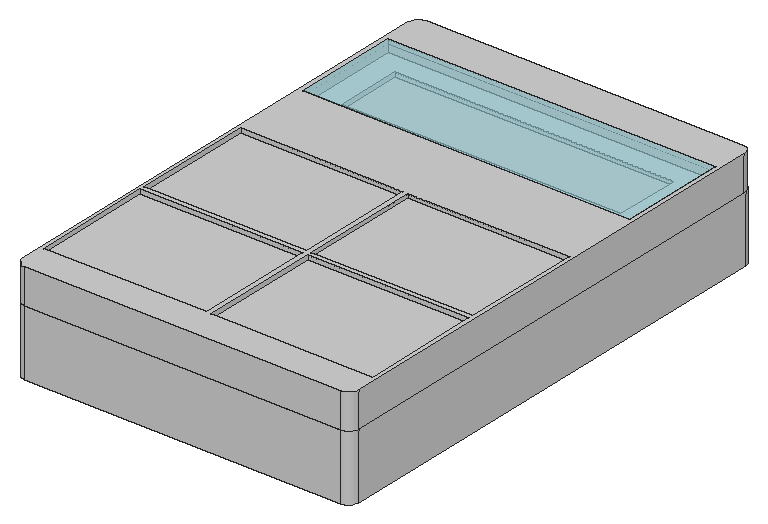
Revit family "Building-IEC309Boards-GEWISS-68QDIN-DISTRIBUTION-BOARD-14MOD_4SOCKET-OUTLETS_IB_ORIZ", category Apparecchi elettrici, host Superficie, Revit 2019
Family settings
  Host = Superficie
  Mantenere orientamento annotazione = Sì
  Quota connettore circolare = Usa diametro
  Tipo di parte = Normale
  Taglio con vuoti quando caricato = No
  Condiviso = No
  Punto di calcolo locali = Sì
Parameters (values of type "GW68009N - Q-DIN 14M 4 FLANGES S.O.BL.HOR.SBF IP65")
  visibilita posizionamento 2d [instance] = yes
  simbolo 2d [instance] = yes
  oggetto in pianta [instance] = not(visibilita posizionamento 2d)  # no
  distanza_simbolo [instance] = 0.1 mm
  bordo acceso [instance] = yes
  Working temperature = "-25 ÷ +40 °C"
  Visibilità sportello [instance] = yes
  Version type = "Empty"
  Version file RFA = "21.5"
  VETRO = Vetro
  URL = "https://www.gewiss.com/ww/en"
  Thermo-pressure with ball = "70 °C"
  Technical sheet = "https://www.gewiss.com/ww/en/search?q=GW68009N"
  Spostamento_effettivo_S [instance] = 4000 mm - Spostamento_S  # 3000 mm
  Spostamento_S = 1000 mm
  Simbolo_quadro [instance] = not(simbolo 2d)  # no
  Shock resistance = "IK08"
  STRUTTURA ALTA = Poche
  STRUTTURA = RAL - 7035
  SEO = "Board"
  Realized by GEWISS S.p.A. = ""
  Default Elevation = 1219.2 mm
  Produttore = "GEWISS S.p.A."
  PRESA = rosso
  POMELLO = bianco
  Operating temperature: = "-25 +40 °C"
  No. of provided blank lids = "2 IB 16/32A"
  No. of modules EN 50022 = "14"
  No. of blank lids supplied = "2 IB 16/32A"
  No. IB socket-outlets houseable = "4 IB Horiz. 16/32A SBF IP44"
  N_Moduli = 14 mm
  Modello = "GW68009N"
  L_Moduli = N_Moduli * 19  # 266 mm
  Insulation class = "II"
  Installation type = "Surface-mounting"
  Immagine tipo = GW68009N.jpg
  IP degree = "IP65"
  IDT = "99915e0d-742e-4288-be31-3e8f2e4a73df"
  IDF = "c071aca0-7753-4d09-bf42-5b742313563d"
  Houseable socket = "4 IB Horiz. 16/32A SBF IP44"
  Houseable interloc. socket. = "4 IB Horiz. 16/32A SBF IP44"
  Glow Wire Test = "650°C"
  Electrocod = "2242"
  EAN code = "8011564744806"
  Dispersible power B (W) = "64"
  Dispersible power A (W) = "24"
  Descrizione = "Q-DIN 14M 4 FLANGES S.O.BL.HOR.SBF IP65"
  Colour = "Grey RAL 7035"
  Catalogue Range = "68 QDIN"
  Catalogue = "BUILDING"
  COBie.Tagnumber = ""
  COBie.CreatedOn = ""
  COBie.CreatebBy = ""
  COBie.ComponentRegisterItemID = ""
  COBie.Component.TagNumber = ""
  COBie.Component.Space = ""
  COBie.Component.SerialNumber = ""
  COBie.Component.InstallationDate = ""
  COBie.Component.Description = ""
  COBie.Component.BarCode = ""
  Accordance with Standards = "EN 60208 - EN 60670-1 - IEC 60670-24"
Reference planes
  plane 1 "Centro (Fronte/Retro)": y = 0
  plane 2: z = 0
  plane 3 "Centro (Sinistra/Destra)": x = 0
  plane 4: x = -3000
  plane 5: x = 0
Forms (mm)
  Extrusion 1, solid, detail levels coarse
    sketch origin (0, 0, 0) x (1, 0, 0) y (0, 1, 0)
      loop
        line (-160, 0) -> (160, 0) -> (160, 478) -> (-160, 478) -> (-160, 0)
    from 0 to 96
Lines and regions (mm)
  Masking region 1, visible <- "visibilita posizionamento 2d"
    outline origin (0, 0, 0) x (1, 0, 0) y (0, 0, 1)
      loop
        line (-160, 0) -> (160, 0) -> (160, 96) -> (-160, 96) -> (-160, 0)
Dimensions and locks
  plane 4 to plane 3 "Centro (Sinistra/Destra)" = 3000 mm
  "Spostamento_effettivo_S": plane 4 to plane 5
  aligned and locked: plane 2 to host face
  aligned and locked: level to host face
  aligned and locked: nested 1 to plane 5
  aligned and locked: nested 3 to plane 5
  aligned and locked: nested 2 to plane 5
  aligned and locked: plane 1 "Centro (Fronte/Retro)" to nested 2
  aligned and locked: Extrusion 1 sketch curve to nested 2  (x4)
  aligned and locked: Extrusion 1 to nested 2
Automatic sketch dimensions
  host sketch curve to host sketch curve = 2438.4 mm  (x2)
  Masking region 1 sketch curve to level = 0 mm
  Masking region 1 sketch curve to plane 3 "Centro (Sinistra/Destra)" = 160 mm
  plane 3 "Centro (Sinistra/Destra)" to Masking region 1 sketch curve = 160 mm
  Masking region 1 sketch curve to Masking region 1 sketch curve = 96 mm
Nested families
  nested 1: "CENTRALINO" at (0, 737.795, 0), BORDO ACCESO <- "bordo acceso", SIMBOLO ACCESO <- "simbolo 2d", Distanza dal muro <- "distanza_simbolo", visible <- "simbolo 2d", type "CENTRALINO"
    with SIMBOLO ACCESO yes, Distanza dal muro 0.1 mm, BORDO ACCESO yes
  nested 2: "68QDIN14 QUADRO DISTRIBUZ X 4 PRESE IND ORIZ_BASE" at (0, 316, 0), Visibilita sportello <- "Visibilità sportello", type "68QDIN14 QUADRO DISTRIBUZ X 4 PRESE IND ORIZ_BASE", detail levels medium+fine
  nested 3: "simb_CENTRALINO_BASE_cad pro" at (0, 737.795, 0), Distanza dal muro <- "distanza_simbolo", visible <- "Simbolo_quadro", SIMBOLO ACCESO <- "Simbolo_quadro", type "simb_CENTRALINO_BASE_cad pro"
    with SIMBOLO ACCESO no, Distanza dal muro 0.1 mm, BORDO ACCESO yes
Definition of nested family "68QDIN14 QUADRO DISTRIBUZ X 4 PRESE IND ORIZ_BASE"
  Parameters (values of type "68QDIN14 QUADRO DISTRIBUZ X 4 PRESE IND ORIZ_BASE")
    n_moduli = 105 mm
    h_moduli = 64 mm
    Visibilita sportello [instance] = yes
    Vetro = none
    Struttura = none
    Spessore = 96 mm
    Default Elevation = 14 mm
    Presa = none
    Larghezza = 320 mm
    IFC.TypeObject = ""
    IFC.ExportType = ""
    IFC.ExportAs = ""
    H_da terra = 589.057 mm
    COBie.CreatedOn = ""
    COBie.CreatebBy = ""
    COBie.ComponentRegisterItemID = ""
    COBie.Component.TagNumber = ""
    COBie.Component.Space = ""
    COBie.Component.SerialNumber = ""
    COBie.Component.InstallationDate = ""
    COBie.Component.Description = ""
    COBie.Component.BarCode = ""
    Altezza scatole = 350 mm
    Altezza quadro = 150 mm
    Altezza = 258 mm
  Reference planes
    plane 1 "Centro (Fronte/Retro)": y = 0
    plane 2: z = 0
    plane 3 "Centro (Sinistra/Destra)": x = 0
    plane 4: z = 69.589
    plane 5: z = 115.626
    plane 6: z = 63
    plane 7: x = -160
    plane 8: x = 160
    plane 9: x = -156
    plane 10: x = 156
    plane 11: y = 123.21
    plane 12: y = 21.246
    plane 13: y = 0
    plane 14: y = -166
    plane 15: y = -51
    plane 16: y = -316
    plane 17: y = 162
    plane 18: z = 58
    plane 19: y = 103
    plane 20: y = 39
    plane 21: x = -52.5
    plane 22: x = 52.5
    plane 23: z = 92.059
    plane 24: z = 96
    plane 25 "posizionamento moduli": z = 84.734
    plane 26: z = 80.558
    plane 27: y = 71
    plane 28: x = -157.25
    plane 29: x = 158.1
    plane 30: x = -2.25
    plane 31: x = 156
    plane 32: y = -170.115
    plane 33: x = 2
  Forms (mm)
    Extrusion 1, solid, material <- "Struttura"
      sketch origin (0, -857.311, 0) x (1, 0, 0) y (0, 1, 0)
        loop
          arc (-150, 1019.311) -> (-157.071, 1016.382) -> (-160, 1009.311) r 10
          line (-160, 1009.311) -> (-160, 551.311)
          arc (-160, 551.311) -> (-157.071, 544.24) -> (-150, 541.311) r 10
          line (-150, 541.311) -> (150, 541.311)
          arc (150, 541.311) -> (157.071, 544.24) -> (160, 551.311) r 10
          line (160, 551.311) -> (160, 1009.311)
          arc (160, 1009.311) -> (157.071, 1016.382) -> (150, 1019.311) r 10
          line (150, 1019.311) -> (-150, 1019.311)
      from 63 to 96
    Extrusion 2, solid, material <- "Struttura"
      sketch origin (0, -857.311, 0) x (1, 0, 0) y (0, 1, 0)
        loop
          line (152.45, 1019.311) -> (-156.38, 1019.311)
          arc (-156.38, 1019.311) -> (-158.94, 1018.251) -> (-160, 1015.691) r 3.62
          line (-160, 1015.691) -> (-160, 551.311)
          arc (-160, 551.311) -> (-157.071, 544.24) -> (-150, 541.311) r 10
          line (-150, 541.311) -> (150, 541.311)
          arc (150, 541.311) -> (157.071, 544.24) -> (160, 551.311) r 10
          line (160, 551.311) -> (160, 1011.76)
          arc (160, 1011.76) -> (157.789, 1017.099) -> (152.45, 1019.311) r 7.55
      from 0 to 63
    Extrusion 3, void
      sketch origin (0, -857.311, 0) x (1, 0, 0) y (0, 1, 0)
        loop
          line (-156, 980.52) -> (-156, 878.557) -> (156, 878.557) -> (156, 980.52) -> (-156, 980.52)
      from 69.589 to 96
    Extrusion 4, solid, material <- "Vetro", visible <- "Visibilita sportello", detail levels fine
      sketch origin (0, -857.311, 0) x (1, 0, 0) y (0, 1, 0)
        loop
          line (-156, 980.52) -> (-156, 878.557) -> (156, 878.557) -> (156, 980.52) -> (-156, 980.52)
      from 92.059 to 96
    Extrusion 5, void
      sketch origin (0, 0, 0) x (1, 0, 0) y (0, 1, 0)
        loop
          line (-52.5, 39) -> (52.5, 39) -> (52.5, 103) -> (-52.5, 103) -> (-52.5, 39)
      from 80.558 to 84.734
    Extrusion 6, solid
      sketch origin (0, 0, 0) x (1, 0, 0) y (0, 1, 0)
        loop
          line (-156, 123.21) -> (-156, 21.246) -> (156, 21.246) -> (156, 123.21) -> (-156, 123.21)
      from 80.558 to 84.734
    Extrusion 7, void
      sketch origin (0, 0, 84.734) x (0, -1, 0) y (1, 0, 0)
        loop
          line (51, -157.25) -> (166, -157.25) -> (166, -2.25) -> (51, -2.25) -> (51, -157.25)
        loop
          line (51, 2) -> (166, 2) -> (166, 156) -> (51, 156) -> (51, 2)
      from 7.325 to 11.266
    Extrusion 8, void
      sketch origin (0, -119.115, 84.734) x (0, -1, 0) y (1, 0, 0)
        loop
          line (51, -157.25) -> (166, -157.25) -> (166, -2.25) -> (51, -2.25) -> (51, -157.25)
        loop
          line (51, 2) -> (166, 2) -> (166, 156) -> (51, 156) -> (51, 2)
      from 7.325 to 11.266
  Cuts and joins
    Extrusion 3, Extrusion 7, Extrusion 8 cuts Extrusion 1
    Extrusion 5 cuts Extrusion 6
    Extrusion 5 cuts Extrusion 4
  Lines and regions (mm)
    model lines
      curve 1: line (-52.5, 71, 84.734) -> (52.5, 71, 84.734)
  Dimensions and locks
    plane 4 to plane 5 = 46.036 mm
    locked: plane 7 to plane 9 at 4
    locked: plane 10 to plane 8 at 4
    equal spacing: plane 7, plane 3 "Centro (Sinistra/Destra)", plane 8
    "Larghezza": plane 7 to plane 8
    plane 13 to plane 15 = 51 mm
    plane 1 "Centro (Fronte/Retro)" to plane 17 = 162 mm
    plane 16 to plane 13 = 316 mm
    plane 12 to plane 1 "Centro (Fronte/Retro)" = 21.246 mm
    plane 11 to plane 17 = 38.79 mm
    locked: plane 6 to plane 18 at 5
    locked: plane 17 to plane 19 at 59
    "h_moduli": plane 19 to plane 20
    equal spacing: plane 21, plane 3 "Centro (Sinistra/Destra)", plane 22
    "n_moduli": plane 21 to plane 22
    locked: plane 24 to plane 23 at 3.941
    plane 6 to plane 2 = 63 mm
    locked: plane 23 to plane 25 "posizionamento moduli" at 7.325
    locked: plane 25 "posizionamento moduli" to plane 26 at 4.176
    equal spacing: plane 19, plane 27, plane 20
    locked: plane 29 to plane 8 at 1.9
    plane 28 to plane 30 = 155 mm  (x2)
    plane 15 to plane 14 = 115 mm
    locked: plane 14 to plane 32 at 4.115
    locked: plane 3 "Centro (Sinistra/Destra)" to plane 33 at 2
    radius of Extrusion 2 sketch curve = 10 mm  (x2)
    radius of Extrusion 2 sketch curve = 3.62 mm
    radius of Extrusion 2 sketch curve = 7.55 mm
    radius of Extrusion 1 sketch curve = 10 mm  (x4)
    aligned and locked: level to plane 2
    aligned and locked: cut or joined group of Extrusion 1, Extrusion 3, Extrusion 7, Extrusion 8 to plane 4
    aligned and locked: plane 7 to Extrusion 2 sketch curve
    aligned and locked: plane 8 to Extrusion 2 sketch curve
    aligned and locked: plane 8 to Extrusion 1 sketch curve
    aligned and locked: plane 7 to Extrusion 1 sketch curve
    aligned and locked: Extrusion 4 sketch curve to plane 9
    aligned and locked: Extrusion 4 sketch curve to plane 10
    aligned and locked: Extrusion 3 sketch curve to plane 9
    aligned and locked: Extrusion 3 sketch curve to plane 10
    aligned and locked: Extrusion 4 sketch curve to plane 11
    aligned and locked: Extrusion 4 sketch curve to plane 12
    aligned and locked: Extrusion 3 sketch curve to plane 11
    aligned and locked: Extrusion 3 sketch curve to plane 12
    aligned and locked: plane 16 to Extrusion 2 sketch curve
    aligned and locked: plane 1 "Centro (Fronte/Retro)" to plane 13
    aligned and locked: plane 17 to Extrusion 1 sketch curve
    aligned and locked: Extrusion 5 sketch curve to plane 21
    aligned and locked: Extrusion 5 sketch curve to plane 19
    aligned and locked: Extrusion 5 sketch curve to plane 20
    aligned and locked: Extrusion 5 sketch curve to plane 22
    aligned and locked: plane 25 "posizionamento moduli" to Extrusion 5
    aligned and locked: Extrusion 5 to plane 26
    aligned and locked: Extrusion 6 sketch curve to plane 11
    aligned and locked: Extrusion 6 sketch curve to plane 12
    aligned and locked: Extrusion 6 to plane 26
    aligned and locked: plane 25 "posizionamento moduli" to Extrusion 6
    aligned and locked: Extrusion 6 sketch curve to Extrusion 4  (x2)
    aligned and locked: plane 27 to curve 1
    aligned and locked: plane 16 to Extrusion 1 sketch curve
    aligned and locked: Extrusion 2 sketch curve to plane 17
    aligned and locked: Extrusion 7 sketch curve to plane 15
    aligned and locked: Extrusion 7 sketch curve to plane 28
    aligned and locked: Extrusion 7 sketch curve to plane 30
    aligned and locked: Extrusion 7 sketch curve to plane 31
    aligned and locked: Extrusion 1 to Extrusion 7
    aligned and locked: Extrusion 7 to plane 23
    aligned and locked: Extrusion 7 sketch curve to plane 14  (x2)
    aligned and locked: plane 33 to Extrusion 7 sketch curve
  Automatic sketch dimensions
    curve 1 to plane 21 = 0 mm
    curve 1 to plane 22 = 0 mm
    plane 15 to Extrusion 7 sketch curve = 0 mm
    Extrusion 8 sketch curve to plane 28 = 0 mm
    Extrusion 8 sketch curve to plane 32 = 0 mm  (x2)
    Extrusion 8 sketch curve to plane 10 = 0 mm
    Extrusion 8 sketch curve to plane 33 = 0 mm
    Extrusion 8 sketch curve to plane 30 = 0 mm
    Extrusion 8 sketch curve to plane 16 = 30.885 mm  (x2)
Definition of nested family "CENTRALINO"
  Parameters (values of type "CENTRALINO")
    SIMBOLO ACCESO [instance] = yes
    Distanza dal muro [instance] = 0 mm
    BORDO ACCESO [instance] = yes
  Reference planes
    plane 1: y = 0
    plane 2: x = 0
  Dimensions and locks
    "Distanza dal muro": plane 1 to nested 1
    aligned and locked: plane 2 to nested 1
  Nested families
    nested 1: "CENTRALINO_BASE" at (0, 0, 0), BORDO ACCESO <- "BORDO ACCESO", visible <- "SIMBOLO ACCESO", type "CENTRALINO"
      with BORDO ACCESO yes
  Definition of nested family "CENTRALINO_BASE"
    Parameters (values of type "CENTRALINO")
      Distanza dal muro = 0 mm
      BORDO ACCESO [instance] = yes
    Reference planes
      plane 1: y = 0
      plane 2: x = 0
    Lines and regions (mm)
      detail lines, visible <- "BORDO ACCESO", not visible
        curve 1: line (-2.443, 10.208, 0) -> (2.057, 10.208, 0)
        curve 2: line (2.057, 10.208, 0) -> (2.057, 4.208, 0)
        curve 3: line (2.057, 4.208, 0) -> (-2.443, 4.208, 0)
        curve 4: line (-2.443, 4.208, 0) -> (-2.443, 10.208, 0)
        curve 5: line (-2.043, 9.808, 0) -> (1.657, 9.808, 0)
        curve 6: line (1.657, 9.808, 0) -> (1.657, 4.608, 0)
        curve 7: line (1.657, 4.608, 0) -> (-2.043, 4.608, 0)
        curve 8: line (-2.043, 4.608, 0) -> (-2.043, 9.808, 0)
      detail lines
        curve 9: line (0, 0.671, 0) -> (0, 0, 0)
        curve 10: line (0.659, 0.671, 0) -> (0.659, 1.33, 0)
        curve 11: line (0.659, 1.33, 0) -> (-0.659, 1.33, 0)
        curve 12: line (-0.659, 1.33, 0) -> (-0.659, 0.671, 0)
        curve 13: line (-0.659, 0.671, 0) -> (0.659, 0.671, 0)
        curve 14: line (0.497, 1.33, 0) -> (0.497, 2, 0)
        curve 15: line (0.167, 1.33, 0) -> (0.167, 2, 0)
        curve 16: line (-0.162, 1.33, 0) -> (-0.162, 2, 0)
        curve 17: line (-0.491, 1.33, 0) -> (-0.491, 2, 0)
Definition of nested family "simb_CENTRALINO_BASE_cad pro"
  Parameters (values of type "simb_CENTRALINO_BASE_cad pro")
    SIMBOLO ACCESO [instance] = yes
    Distanza dal muro [instance] = 0 mm
    BORDO ACCESO [instance] = yes
  Reference planes
    plane 1: y = 0
    plane 2: x = 0
  Dimensions and locks
    "Distanza dal muro": plane 1 to nested 1
    aligned and locked: plane 2 to nested 1
  Nested families
    nested 1: "CENTRALINO_BASE_cad pro" at (0, 0, 0), type "CENTRALINO"
  Definition of nested family "CENTRALINO_BASE_cad pro"
    Parameters (values of type "CENTRALINO")
      Distanza dal muro = 0 mm
    Reference planes
      plane 1: y = 0
      plane 2: x = 0
    Lines and regions (mm)
      detail lines
        curve 1: line (1.33, 1.33, 0) -> (2.109, 1.33, 0)
        curve 2: line (2.109, 1.33, 0) -> (2.109, 0, 0)
        curve 3: line (2.109, 0, 0) -> (1.33, 0, 0)
        curve 4: line (1.33, 0, 0) -> (-1.33, 1.33, 0)
        curve 5: line (-1.33, 1.33, 0) -> (1.33, 1.33, 0)
        curve 6: line (1.33, 1.33, 0) -> (1.33, 0, 0)
        curve 7: line (1.33, 0, 0) -> (-1.33, 0, 0)
        curve 8: line (-1.33, 0, 0) -> (-1.33, 1.33, 0)
        curve 9: line (1.461, 0.665, 0) -> (1.977, 0.665, 0)
        curve 10: line (1.719, 0.665, 0) -> (1.719, 1.01, 0)
        curve 11: arc (1.977, 0.406, 0) -> (1.719, 0.665, 0) -> (1.461, 0.406, 0) r 0.258
